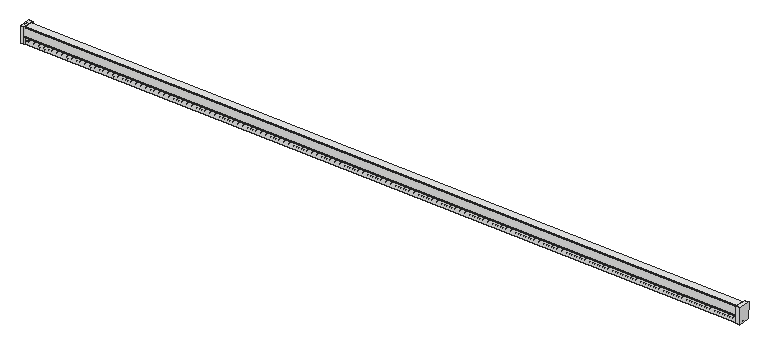
Revit family "S2232 updated", category Lighting Fixtures, host Face, Revit 2020
Family settings
  Host = Face
  Round Connector Dimension = Use Diameter
  Part Type = Normal
  Cut with Voids When Loaded = No
  Light Source = No
  Shared = Yes
  Room Calculation Point = No
Parameters (values of type "643 lm per FT 5.85 W per FT - D6")
  Wattage Comments = "5.85 W/FT"
  Warranty URL = "https://bllighting.com/terms-and-conditions/"
  Voltage = 24 V
  Version = "2020-v2.9"  # constant formula
  URL = "https://bllighting.com/"
  Support Phone = ""
  Support Email = ""
  Rdwn [instance] = rounddown(L1 / Increment)  # 30
  Profile Material = Alumnium Base Track
  Product Page URL = "https://bllighting.com/products/profile/s2232"
  Product Name = Model  # "D6"
  Product Documentation Link = "https://bllighting.com/wp-content/uploads/S2232-Specification.pdf"
  Power Source Type = "Driver"  # constant formula
  Power Factor = 1
  Phase = 1
  Operating Temperature = "Consult Manufacturer Website for more Information"  # constant formula
  Number of Poles = if(and(or(Voltage = 120 V, Voltage = 277 V), Phase = 1), 1, if(and(or(Voltage = 208 V, Voltage = 240 V), Phase = 1), 2, if(and(or(Voltage = 208 V, Voltage = 240 V), Phase = 3), 3, if(and(Voltage > 300 V, Phase = 1), 2, if(and(Voltage > 400 V, Phase = 3), 3, 1)))))  # 1
  Number of LED's = "48 Diodes/FT"
  No Of Source [instance] = rounddown(Actual Light Length / Increment)  # 30
  Mounting Method = "Surface Mount"  # constant formula
  Model = "D6"
  Max Input Current = "5A"
  Manufacturer Phone Number = "1-604-874-4405"  # constant formula
  Manufacturer Email = "info@bllighting.com"
  Manufacturer Address = "111 - 8838 Heatner St. Vancouver. BC, Canada. V6P 3S8"  # constant formula
  Manufacturer = "BL Lighting"  # constant formula
  Lumen Output = "643 lm/FT"
  Load Classification = Lighting
  Light Length [instance] = 60.0000"
  Lens Material = Polycarbonate Optic
  Lead 2 End Cap [instance] = 1 = 1  # yes
  Lead 1 End Cap [instance] = 1 = 1  # yes
  Lamp Life = "50,000 Hours"
  Lamp = "LED,SMD 2835"
  LED strip = Strip
  LED finish = LED
  LED Tape Page URL = "https://bllighting.com/products/led-tape/d6"
  LED Tape Documentation link = "https://bllighting.com/wp-content/uploads/D6-Specification.pdf"
  L1 [instance] = if(Light Length < Increment, Increment, Light Length)  # 60.0000"
  Input Voltage = "24VDC"
  Initial Intensity Comments = "Refer LED Strip type for Lumen Value"  # constant formula
  Initial Color Comments = "Perfomance based on 3000K Photometric Web File"
  Increment = 1.9685"
  Housing Protection Rating = "Consult Manufacturer Website for more Information"  # constant formula
  Has Dimming = 1 = 1  # yes
  Has Battery Backup = 0 = 1  # no
  Frequency Comments = ""
  Frequency = 60 Hz
  Environment = "Indoor"  # constant formula
  Description = "Flexible, Linear LED Lighting"  # constant formula
  Default Elevation = 48.0000"
  DFD3 Watt [instance] = (4.4 W * Actual Light Length) / 12.0000"  # 21.6535 W
  DFD3 Lumens [instance] = 98 lm/W * DFD3 Watt  # 2122.04 lm
  DFD3 = no
  D6 Watt [instance] = (5.85 W * Actual Light Length) / 12.0000"  # 28.7893 W
  D6 Lumens [instance] = 109 lm/W * D6 Watt  # 3138.04 lm
  D6 = yes
  D3 Watt [instance] = (5.5 W * Actual Light Length) / 12.0000"  # 27.0669 W
  D3 Lumens [instance] = 67 lm/W * D3 Watt  # 1813.48 lm
  D3 = no
  D2 Watt [instance] = (3 W * Actual Light Length) / 12.0000"  # 14.7638 W
  D2 Lumens [instance] = 70 lm/W * D2 Watt  # 1033.46 lm
  D2 = no
  Current Amps = 50 A
  Copyright = "©BL INNOVATIVE LIGHTING"  # constant formula
  Color Option Available = "2700K,3000K,3500K,4000K"
  built-in parameter 1114216 [instance] = 0  # (empty or 0)
  built-in parameter 1140040 [instance] = 1 = 1  # 1
  CCT = "2700K,3000K,3500K,4000K"
  Apparent Load = 120 VA
  Actual No Of Source [instance] = if(No Of Source < 2, 2, No Of Source)  # 30
  Actual Light Length [instance] = Rdwn * Increment  # 59.0550"
Reference planes (in)
  plane 1 "Center (Front/Back)": y = 0
  plane 2: z = 0
  plane 3 "Center (Left/Right)": x = 0
  plane 4: x = 59.055
  plane 5: x = 1.9685
  plane 6: y = 0.335
  plane 7: y = -0.335
  plane 8: x = 29.5275
  plane 9: x = 22.6499
  plane 10: x = 36.4051
  plane 11: z = 0.07812
  plane 12: z = 1.30974
  plane 13: x = 28.5475
  plane 14: x = 30.5075
  plane 15: z = 0.30393
Forms (in)
  Sweep 1, solid, material "Alumnium Base Track" <- "Profile Material"
    path origin (0, -18.35094, 0.40687) x (1, 0, 0) y (0, 1, 0)
      loop
        line (0, 18.35094) -> (59.055, 18.35094)
    profile origin (29.5275, 0, 0.40687) x (0, 1, 0) y (0, 0, 1)
      loop
        line (0.335, 0.06805) -> (0.335, -0.10294) -> (0, -0.10294) -> (-0.335, -0.10294) -> (-0.335, 0.06805) -> (-0.36346, 0.09651) -> (-0.335, 0.12496) -> (-0.38666, 0.12496) -> (-0.38666, -0.32874) -> (-0.335, -0.32874) -> (-0.29261, -0.23783)
        arc (-0.29261, -0.23783) -> (-0.27933, -0.17793) -> (-0.26605, -0.23783) r 0.03142
        line (-0.26605, -0.23783) -> (-0.22366, -0.32874) -> (-0.1316, -0.32874) -> (-0.1316, -0.27201) -> (-0.19528, -0.27201) -> (-0.19528, -0.15554) -> (0, -0.15554) -> (0.19528, -0.15554) -> (0.19528, -0.27201) -> (0.1316, -0.27201) -> (0.1316, -0.32874) -> (0.22366, -0.32874) -> (0.26605, -0.23783)
        arc (0.26605, -0.23783) -> (0.27933, -0.17793) -> (0.29261, -0.23783) r 0.03142
        line (0.29261, -0.23783) -> (0.335, -0.32874) -> (0.38666, -0.32874) -> (0.38666, 0.12496) -> (0.335, 0.12496) -> (0.36346, 0.09651) -> (0.335, 0.06805)
  Sweep 2, solid, material "Polycarbonate Optic" <- "Lens Material"
    path origin (0, -18.35094, 0.80588) x (1, 0, 0) y (0, 1, 0)
      loop
        line (0, 18.35094) -> (59.055, 18.35094)
    profile origin (29.5275, 0, 0.80588) x (0, 1, 0) y (0, 0, 1)
      loop
        line (0, 0.50386) -> (-0.34939, 0.50386)
        arc (-0.34939, 0.50386) -> (-0.37768, 0.49214) -> (-0.38939, 0.46386) r 0.04
        line (-0.38939, 0.46386) -> (-0.38939, -0.23752) -> (-0.335, -0.27405) -> (-0.36346, -0.30251) -> (-0.335, -0.33097) -> (-0.30385, -0.33097) -> (-0.30385, -0.24882) -> (-0.335, -0.22789) -> (-0.335, 0.45179) -> (0, 0.45179) -> (0.335, 0.45179) -> (0.335, -0.22789) -> (0.30385, -0.24882) -> (0.30385, -0.33097) -> (0.335, -0.33097) -> (0.36346, -0.30251) -> (0.335, -0.27405) -> (0.38939, -0.23752) -> (0.38939, 0.46386)
        arc (0.38939, 0.46386) -> (0.37768, 0.49214) -> (0.34939, 0.50386) r 0.04
        line (0.34939, 0.50386) -> (0, 0.50386)
  Extrusion 3, solid, material "Alumnium Base Track" <- "Profile Material"
    sketch origin (0, 0, 0) x (0, 1, 0) y (0, 0, 1)
      loop
        line (0.23015, 0.03474) -> (0.00486, 0.03474) -> (-0.23015, 0.03474) -> (-0.26209, 0.10325) -> (-0.26209, 0.15714) -> (-0.29418, 0.15714) -> (-0.29418, 0.10325) -> (-0.24604, 0) -> (0.01058, 0) -> (0.24604, 0) -> (0.29418, 0.10325) -> (0.29418, 0.15714) -> (0.26209, 0.15714) -> (0.26209, 0.10325) -> (0.23015, 0.03474)
    from 28.5475 to 30.5075
  Extrusion 4, void
    sketch origin (0, 0, 0) x (1, 0, 0) y (0, 1, 0)
      loop
        circle (29.5275, -0.00312) r 0.10392
    from 0 to 0.07812
Cuts and joins
  Extrusion 4 cuts Sweep 1
  Extrusion 4 cuts Sweep 2
  Extrusion 4 cuts Extrusion 3
Dimensions and locks (in)
  "Actual Light Length": plane 3 "Center (Left/Right)" to plane 4
  "Increment": plane 3 "Center (Left/Right)" to plane 5
  equal spacing: plane 6, plane 1 "Center (Front/Back)", plane 7
  plane 6 to plane 7 = 0.6700"
  equal spacing: plane 3 "Center (Left/Right)", plane 8, plane 4
  equal spacing: plane 9, plane 8, plane 10
  locked: plane 11 to plane 2 at 0.07812
  locked: plane 12 to plane 11 at 1.23161
  locked: Extrusion 3 sketch curve to Extrusion 3 sketch curve at 0.03474
  locked: Extrusion 3 sketch curve to Extrusion 3 sketch curve at 0.15714  (x2)
  locked: Extrusion 3 sketch curve to Extrusion 3 sketch curve at 0.58836
  locked: plane 13 to plane 8 at 0.98
  locked: plane 8 to plane 14 at 0.98
  aligned and locked: host face to plane 2
  aligned and locked: host face to level
  aligned and locked: nested 1 to plane 4
  aligned and locked: plane 3 "Center (Left/Right)" to Sweep 1 sketch curve
  aligned and locked: plane 4 to Sweep 1 sketch curve
  aligned and locked: plane 4 to Sweep 2 sketch curve
  aligned and locked: plane 3 "Center (Left/Right)" to Sweep 2 sketch curve
  aligned and locked: Extrusion 3 sketch curve to plane 2
  aligned and locked: Extrusion 3 to plane 13
  aligned and locked: Extrusion 3 to plane 14
  aligned and locked: plane 3 "Center (Left/Right)" to nested 2
  aligned and locked: nested 2 to plane 1 "Center (Front/Back)"
  aligned and locked: nested 2 to plane 15
  aligned and locked: plane 3 "Center (Left/Right)" to nested 3
  aligned and locked: nested 3 to plane 1 "Center (Front/Back)"
  aligned and locked: nested 3 to plane 15
  aligned and locked: plane 1 "Center (Front/Back)" to nested 4
  aligned and locked: plane 1 "Center (Front/Back)" to nested 5
  aligned and locked: plane 1 "Center (Front/Back)" to nested 6
  aligned and locked: plane 3 "Center (Left/Right)" to nested 7
  aligned and locked: nested 7 to plane 1 "Center (Front/Back)"
  aligned and locked: nested 7 to plane 15
  aligned and locked: nested 8 to plane 3 "Center (Left/Right)"
  aligned and locked: nested 8 to plane 1 "Center (Front/Back)"
  aligned and locked: nested 8 to plane 15
  aligned and locked: plane 1 "Center (Front/Back)" to nested 9
  aligned and locked: nested 10 to plane 3 "Center (Left/Right)"
  aligned and locked: nested 10 to plane 11
  aligned and locked: nested 10 to plane 1 "Center (Front/Back)"
  aligned and locked: plane 1 "Center (Front/Back)" to nested 1
  aligned and locked: plane 11 to nested 1
Automatic sketch dimensions
  host sketch curve to host sketch curve = 138.68247"
  host sketch curve to host sketch curve = 96.0000"
  plane 1 "Center (Front/Back)" to Sweep 1 sketch curve = 0.0000"
  Sweep 1 sketch curve to profile plane = 0.0000"  (x2)
  profile plane to Sweep 1 sketch curve = 0.1316"
  Sweep 1 sketch curve to Sweep 1 sketch curve = 0.06367"  (x2)
  Sweep 1 sketch curve to Sweep 1 sketch curve = 0.02838"  (x2)
  Sweep 1 sketch curve to Sweep 1 sketch curve = 0.07077"  (x2)
  Sweep 1 sketch curve to Sweep 1 sketch curve = 0.01328"  (x2)
  Sweep 1 sketch curve to Sweep 1 sketch curve = 0.02656"  (x2)
  Sweep 1 sketch curve to Sweep 1 sketch curve = 0.05567"  (x2)
  Sweep 1 sketch curve to Sweep 1 sketch curve = 0.04239"  (x2)
  Sweep 1 sketch curve to Sweep 1 sketch curve = 0.0000"  (x2)
  profile plane to Sweep 1 sketch curve = 0.09651"  (x2)
  Sweep 1 sketch curve to Sweep 1 sketch curve = 0.02846"  (x3)
  Sweep 1 sketch curve to Sweep 1 sketch curve = 0.05166"
  Sweep 1 sketch curve to profile plane = 0.1316"
  profile plane to Sweep 1 sketch curve = 0.12496"
  Sweep 1 sketch curve to Sweep 1 sketch curve = 0.0232"
  Sweep 1 sketch curve to profile plane = 0.10294"
  Sweep 1 sketch curve to Sweep 1 sketch curve = 0.0526"
  Sweep 1 sketch curve to Sweep 1 sketch curve = 0.05381"  (x2)
  Sweep 1 sketch curve to Sweep 1 sketch curve = 0.02848"  (x2)
  Sweep 1 sketch curve to Sweep 1 sketch curve = 0.03418"  (x2)
  Sweep 1 sketch curve to Sweep 1 sketch curve = 0.09091"  (x2)
  Sweep 1 sketch curve to Sweep 1 sketch curve = 0.05673"  (x2)
  plane 1 "Center (Front/Back)" to Sweep 2 sketch curve = 0.0000"
  Extrusion 3 sketch curve to plane 1 "Center (Front/Back)" = 0.01058"
  Extrusion 3 sketch curve to plane 1 "Center (Front/Back)" = 0.00486"
  Extrusion 3 sketch curve to plane 7 = 0.10485"
  Extrusion 3 sketch curve to Extrusion 3 sketch curve = 0.01589"  (x2)
  Extrusion 3 sketch curve to plane 11 = 0.02512"  (x4)
  Extrusion 3 sketch curve to Extrusion 3 sketch curve = 0.03209"  (x2)
  plane 6 to Extrusion 3 sketch curve = 0.10485"
  plane 6 to Extrusion 3 sketch curve = 0.07291"
  Extrusion 4 sketch curve to plane 8 = 0.0000"
  plane 1 "Center (Front/Back)" to Extrusion 4 sketch curve = 0.00312"
  Sweep 2 sketch curve to profile plane = 0.0000"  (x2)
  profile plane to Sweep 2 sketch curve = 0.30385"
  profile plane to Sweep 2 sketch curve = 0.3350"
  Sweep 2 sketch curve to Sweep 2 sketch curve = 0.03115"  (x4)
  Sweep 2 sketch curve to Sweep 2 sketch curve = 0.01439"  (x2)
  Sweep 2 sketch curve to Sweep 2 sketch curve = 0.02846"  (x4)
  Sweep 2 sketch curve to Sweep 2 sketch curve = 0.05439"  (x2)
  Sweep 2 sketch curve to profile plane = 0.30385"
  Sweep 2 sketch curve to profile plane = 0.34939"
  Sweep 2 sketch curve to profile plane = 0.33097"  (x2)
  Sweep 2 sketch curve to Sweep 2 sketch curve = 0.02524"  (x2)
  Sweep 2 sketch curve to Sweep 2 sketch curve = 0.03654"  (x2)
  Sweep 2 sketch curve to Sweep 2 sketch curve = 0.02092"  (x2)
  profile plane to Sweep 2 sketch curve = 0.46386"
  Sweep 2 sketch curve to Sweep 2 sketch curve = 0.01206"
  radius of Extrusion 4 sketch curve = 0.10392"
Nested families (in)
  nested 1: "RIGHT  END CAP" at (59.355, 0, 0.07812), Profile Material <- "Profile Material", visible <- "Lead 2 End Cap", type "RIGHT  END CAP"
    with Profile Material Alumnium Base Track
  nested 2: "D6_3000K" at (0, -18.35094, 0.36393), visible <- "D6", Light Length <- "Light Length", D6 <- "D6", type "D6"
    with Watt 28.7893 W, Rdwn 30, No of Source 30, Lumens 3138.04 lm, Light source Placement 29.5275", Light Length 60.0000", L1 60.0000", D6_1 no, D6 yes, Cutting Increment 1.9685", Actual No Of Source 30, Actual Light Length 59.0550"
  nested 3: "D2_3000K" at (0, -18.35094, 0.36393), visible <- "D2", Light Length <- "Light Length", BL flexFORM D2 <- "D2", type "D2"
    with Watt 14.7637 W, Rdwn 30, No of Source 30, Lumens 1033.46 lm, Light source Placement 29.5275", Light Length 60.0000", L1 60.0000", Cutting Increment 1.9685", BL flexFORM D2_1 no, BL flexFORM D2 no, Actual No of Source 30, Actual Light Length 59.0550"
  nested 4: "Dot Free D3 3000K LED Tape" at (0.7181, 0, 0.07536), Length <- "Actual Light Length", Source Size <- "Increment", No of Source <- "No Of Source", visible <- "DFD3", type "Dot Free D3 3000K LED Tape"
    with Source Size 1.9685", No of Source 30, Length 59.0550", DFD3_1 no, DFD3 yes, Actual No Of Source 30
  nested 5: "D3 3000K LED Tape" at (0.93964, 0, -53.26563), Source Size <- "Increment", No of Source <- "No Of Source", Length <- "Actual Light Length", visible <- "D3", type "D3 3000K LED Tape"
    with Source Size 1.9685", No of Source 30, Length 59.0550", D3 3000K_1 no, D3 3000K yes, Actual No Of Source 30
  nested 6: "D2 3000K LED Tape" at (1.02878, 0, -53.28125), visible <- "D2", Length <- "Actual Light Length", No of Source <- "No Of Source", Source Size <- "Increment", type "D2 3000K LED Tape"
    with Source Size 1.9685", No of Source 30, Length 59.0550", D2 3000k_1 no, D2 3000K yes, Actual No Of Source 30
  nested 7: "D3_3000K" at (0, -18.35094, 0.36393), BL flexFORM D3 <- "D3", visible <- "D3", Light Length <- "Light Length", type "D3"
    with Watt 27.2833 W, Rdwn 24, No of Source 24, Lumens 1827.98 lm, Light source Placement 29.7636", Light Length 60.0000", L1 60.0000", Cutting Increment 2.4803", BL flexFORM D3_1 no, BL flexFORM D3 no, Actual No Of Source 24, Actual Light Length 59.5272"
  nested 8: "DFD3_3000K" at (0, -18.35094, 0.30393), visible <- "DFD3", Light Length <- "Light Length", type "Dot Free D3"
    with Watt 21.6535 W, Rdwn 30, No of Source 30, Lumens 2122.04 lm, Light source Placement 29.5275", Light Length 60.0000", L1 60.0000", Cutting Increment 1.9685", BL flexFORM Dot-Free D3_1 no, BL flexFORM Dot-Free D3 yes, Actual No Of Source 30, Actual Light Length 59.0550"
  nested 9: "D6_3000K LED Tape" at (1.21132, 0, -53.37776), visible <- "D6", Length <- "Actual Light Length", No of Source <- "No Of Source", Source Size <- "Increment", type "D6_3000K LED Tape"
    with Source Size 1.9685", No of Source 30, Length 59.0550", D6_1 no, D6 yes, Actual No Of Source 30
  nested 10: "RIGHT  END CAP" at (-0.3, 0, 0.07812) x (-1, 0, 0) z (0, 0, 1), Profile Material <- "Profile Material", visible <- "Lead 1 End Cap", type "RIGHT  END CAP"
    with Profile Material Alumnium Base Track
Connectors (in)
  electrical at (29.5275, -0.057, 0), driven by "Number of Poles", driven by "Voltage", driven by "Apparent Load", driven by "Power Factor", driven by "Load Classification"
    settings: on cut or joined group of Extrusion 3, Extrusion 4, index 1, voltage 24 V, apparent load 120 VA, apparent load phase1 0 VA, apparent load phase2 0 VA, apparent load phase3 0 VA, power factor 1, load classification "Lighting", number of poles 1, system type 30, power factor state 1, is connector primary yes, connector utility no, sub classification motor no, connector description ""
Definition of nested family "RIGHT  END CAP"
  Parameters (values of type "RIGHT  END CAP")
    Profile Material [instance] = none
    Default Elevation = 0.0000"
  Reference planes (in)
    plane 1 "Center (Front/Back)": y = 0
    plane 2: z = 0
    plane 3 "Center (Left/Right)": x = 0
    plane 4: z = 1.26
    plane 5: y = 0.4375
    plane 6: y = -0.4375
    plane 7: x = 0.3125
    plane 8: x = -0.3
  Forms (in)
    Extrusion 1, solid, material <- "Profile Material"
      sketch origin (0, 0, 0) x (0, 1, 0) y (0, 0, -1)
        loop
          line (0.4375, -1.26) -> (0.4375, 0) -> (-0.4375, 0) -> (-0.4375, -1.26) -> (0.4375, -1.26)
        loop
          circle (0.26741, -0.13612) r 0.04957
        loop
          circle (-0.26741, -0.13612) r 0.04957
      from 0 to 0.3
    Extrusion 2, void
      sketch origin (0, 0, 0) x (0, 1, 0) y (0, 0, -1)
        loop
          circle (-0.26741, -0.13612) r 0.09127
      from 0 to 0.03024
    Extrusion 3, void
      sketch origin (0, 0, 0) x (0, -1, 0) y (0, 0, 1)
        loop
          circle (-0.26741, 0.13612) r 0.09127
      from 0 to 0.03024
    Extrusion 4, void
      sketch origin (0, 0, 0) x (0, 1, 0) y (0, 0, -1)
        loop
          line (0, -1.20778) -> (0.37603, -1.20778) -> (0.37603, 0) -> (0, 0) -> (-0.37603, 0) -> (-0.37603, -1.20778) -> (0, -1.20778)
      from 0.05297 to 0.3
    Extrusion 5, void
      sketch origin (0, 0, 0) x (0, 1, 0) y (0, 0, 1)
        loop
          line (0, 0.39198) -> (-0.04075, 0.39198)
          arc (-0.04075, 0.39198) -> (-0.09498, 0.31972) -> (-0.04075, 0.24746) r 0.07526
          line (-0.04075, 0.24746) -> (0, 0.24746) -> (0.04075, 0.24746)
          arc (0.04075, 0.24746) -> (0.09498, 0.31972) -> (0.04075, 0.39198) r 0.07526
          line (0.04075, 0.39198) -> (0, 0.39198)
      from -0.05297 to 0
  Cuts and joins
    Extrusion 2, Extrusion 3, Extrusion 4, Extrusion 5 cuts Extrusion 1
  Dimensions and locks (in)
    equal spacing: plane 5, plane 1 "Center (Front/Back)", plane 6
    plane 5 to plane 6 = 0.8750"
    plane 4 to plane 2 = 1.2600"  (x2)
    plane 7 to plane 3 "Center (Left/Right)" = 0.3125"
    level to Extrusion 5 = 0.24746"
    plane 3 "Center (Left/Right)" to plane 8 = 0.3000"
    aligned and locked: plane 2 to level
    aligned and locked: Extrusion 5 to Extrusion 4
    aligned and locked: plane 3 "Center (Left/Right)" to Extrusion 5
    aligned and locked: plane 8 to Extrusion 1
    aligned and locked: Extrusion 1 to Extrusion 4
  Automatic sketch dimensions
    Extrusion 1 sketch curve to plane 4 = 0.0000"
    Extrusion 1 sketch curve to plane 6 = 0.0000"
    Extrusion 1 sketch curve to level = 0.0000"
    Extrusion 1 sketch curve to plane 5 = 0.0000"
    plane 6 to Extrusion 1 sketch curve = 0.17009"
    plane 5 to Extrusion 1 sketch curve = 0.17009"
    level to Extrusion 1 sketch curve = 0.13612"  (x2)
    plane 6 to Extrusion 2 sketch curve = 0.17009"
    level to Extrusion 2 sketch curve = 0.13612"
    plane 5 to Extrusion 3 sketch curve = 0.17009"
    level to Extrusion 3 sketch curve = 0.13612"
    Extrusion 4 sketch curve to level = 0.0000"
    Extrusion 4 sketch curve to plane 1 "Center (Front/Back)" = 0.0000"  (x2)
    plane 6 to Extrusion 4 sketch curve = 0.06147"
    plane 5 to Extrusion 4 sketch curve = 0.06147"
    Extrusion 4 sketch curve to plane 4 = 0.05222"
    Extrusion 5 sketch curve to plane 1 "Center (Front/Back)" = 0.0000"  (x2)
    plane 1 "Center (Front/Back)" to Extrusion 5 sketch curve = 0.01973"
    Extrusion 5 sketch curve to Extrusion 5 sketch curve = 0.04075"  (x4)
    Extrusion 5 sketch curve to plane 1 "Center (Front/Back)" = 0.01973"
    level to Extrusion 5 sketch curve = 0.24746"
    Extrusion 5 sketch curve to Extrusion 5 sketch curve = 0.07226"
    radius of Extrusion 1 sketch curve = 0.04957"  (x2)
    radius of Extrusion 2 sketch curve = 0.09127"
    radius of Extrusion 3 sketch curve = 0.09127"
Definition of nested family "D6_3000K"
  Parameters (values of type "D6")
    Wattage Comments = "5.85 W/FT"
    Watt [instance] = (5.85 W * Actual Light Length) / 12.0000"  # 11.5157 W
    Warranty URL = ""
    Voltage Comments = ""
    Version = "2020-v2.9"  # constant formula
    URL = ""
    Strip = none
    Rdwn [instance] = rounddown(L1 / Cutting Increment)  # 12
    Product Page URL = ""
    Product Name = Model  # ""
    Product Documentation Link = ""
    No of Source [instance] = rounddown(Actual Light Length / Cutting Increment)  # 12
    Model = ""
    Manufacturer Phone Number = "1-604-874-4405"  # constant formula
    Manufacturer Email = ""
    Manufacturer Address = "111 - 8838 Heatner St. Vancouver. BC, Canada. V6P 3S8"  # constant formula
    Manufacturer = "BL Lighting"  # constant formula
    Lumens [instance] = 109 lm/W * Watt  # 1255.21 lm
    Lumen Output = "643 lm/FT"
    Light source Placement [instance] = Actual Light Length / 2  # 11.8110"
    Light Length [instance] = 24.0000"
    Lens Material = none
    Lamp Life = "50,000 Hours"
    Lamp = "SMD 2835"
    LED = none
    L1 [instance] = if(Light Length < Cutting Increment, Cutting Increment, Light Length)  # 24.0000"
    Instruction Sheet Link = ""
    Initial Color Option Available = ""
    Finish = none
    Description = "Flexible,Linear LED Strip Lighting"  # constant formula
    Default Elevation = 0.0000"
    D6_1 [instance] = not(D6)  # no
    D6 [instance] = if(No of Source < 2, 1 = 0, 1 = 1)  # yes
    D = 0.0600"
    Cutting Increment [instance] = 1.9685"  # constant formula
    Copyright = "©BL INNOVATIVE LIGHTING"  # constant formula
    Actual No Of Source [instance] = if(No of Source < 2, 2, No of Source)  # 12
    Actual Light Length [instance] = Rdwn * Cutting Increment  # 23.6220"
    A = 0.3900"
  Reference planes (in)
    plane 1 "Center (Front/Back)": y = 0
    plane 2: z = 0
    plane 3 "Center (Left/Right)": x = 0
    plane 4: x = 23.622
    plane 5: y = 18.35094
    plane 6: x = 11.811
    plane 7: z = -0.33465
    plane 8: y = 18.54594
    plane 9: y = 18.15594
    plane 10: x = 1.9685
    plane 11: z = -0.06
  Dimensions and locks (in)
    "Actual Light Length": plane 4 to plane 3 "Center (Left/Right)"
    "Actual Light Length": plane 3 "Center (Left/Right)" to plane 4
    plane 6 to plane 4 = 11.8110"
    "Light source Placement": plane 6 to plane 4
    locked: plane 1 "Center (Front/Back)" to plane 5 at 18.35094
    locked: level to plane 7 at 0.33465
    "A": plane 8 to plane 9
    equal spacing: plane 8, plane 5, plane 9
    "Cutting Increment": plane 3 "Center (Left/Right)" to plane 10
    "D": level to plane 11
    equal spacing: group 1, group 2, group 3, group 4, group 5, group 6, group 7, group 8, group 9, group 10, group 11, group 12  (x3)
    aligned and locked: level to plane 2
    aligned and locked: plane 3 "Center (Left/Right)" to nested 1
    aligned and locked: nested 1 to plane 5
    aligned and locked: nested 1 to plane 11
    aligned and locked: plane 10 to nested 2
    aligned and locked: nested 2 to plane 5
    aligned and locked: plane 3 "Center (Left/Right)" to nested 3
    aligned and locked: nested 3 to plane 11
    aligned and locked: nested 3 to plane 5
  Nested families (in)
    nested 1: "Increment strip 4" at (0, 18.35094, 0), LED <- "LED", Strip <- "Strip", Height <- "D", Increment <- "Cutting Increment", Width <- "A", visible <- "D6", BL flexFORM D6 <- "D6", type "Increment strip 4"
      with Width 0.3900", Strip none, LED none, Increment 1.9685", Height 0.0600", BL flexFORM D6 yes
    nested 2: "Increment strip 4" at (1.9685, 18.35094, 0), LED <- "LED", Strip <- "Strip", Height <- "D", Increment <- "Cutting Increment", Width <- "A", visible <- "D6", BL flexFORM D6 <- "D6", type "Increment strip 4"
      with Width 0.3900", Strip none, LED none, Increment 1.9685", Height 0.0600", BL flexFORM D6 yes
    nested 3: "Increment strip 4" at (0, 18.35094, 0), LED <- "LED", Strip <- "Strip", Height <- "D", Increment <- "Cutting Increment", Width <- "A", BL flexFORM D6 <- "D6_1", visible <- "D6_1", type "Increment strip 4"
      with Width 0.3900", Strip none, LED none, Increment 1.9685", Height 0.0600", BL flexFORM D6 no
    nested 4: "Increment strip 4" at (3.937, 18.35094, 0), LED <- "LED", Strip <- "Strip", Height <- "D", Increment <- "Cutting Increment", Width <- "A", visible <- "D6", BL flexFORM D6 <- "D6", type "Increment strip 4"
      with Width 0.3900", Strip none, LED none, Increment 1.9685", Height 0.0600", BL flexFORM D6 yes
    nested 5: "Increment strip 4" at (5.9055, 18.35094, 0), LED <- "LED", Strip <- "Strip", Height <- "D", Increment <- "Cutting Increment", Width <- "A", visible <- "D6", BL flexFORM D6 <- "D6", type "Increment strip 4"
      with Width 0.3900", Strip none, LED none, Increment 1.9685", Height 0.0600", BL flexFORM D6 yes
    nested 6: "Increment strip 4" at (7.874, 18.35094, 0), LED <- "LED", Strip <- "Strip", Height <- "D", Increment <- "Cutting Increment", Width <- "A", visible <- "D6", BL flexFORM D6 <- "D6", type "Increment strip 4"
      with Width 0.3900", Strip none, LED none, Increment 1.9685", Height 0.0600", BL flexFORM D6 yes
    nested 7: "Increment strip 4" at (9.8425, 18.35094, 0), LED <- "LED", Strip <- "Strip", Height <- "D", Increment <- "Cutting Increment", Width <- "A", visible <- "D6", BL flexFORM D6 <- "D6", type "Increment strip 4"
      with Width 0.3900", Strip none, LED none, Increment 1.9685", Height 0.0600", BL flexFORM D6 yes
    nested 8: "Increment strip 4" at (11.811, 18.35094, 0), LED <- "LED", Strip <- "Strip", Height <- "D", Increment <- "Cutting Increment", Width <- "A", visible <- "D6", BL flexFORM D6 <- "D6", type "Increment strip 4"
      with Width 0.3900", Strip none, LED none, Increment 1.9685", Height 0.0600", BL flexFORM D6 yes
    nested 9: "Increment strip 4" at (13.7795, 18.35094, 0), LED <- "LED", Strip <- "Strip", Height <- "D", Increment <- "Cutting Increment", Width <- "A", visible <- "D6", BL flexFORM D6 <- "D6", type "Increment strip 4"
      with Width 0.3900", Strip none, LED none, Increment 1.9685", Height 0.0600", BL flexFORM D6 yes
    nested 10: "Increment strip 4" at (15.748, 18.35094, 0), LED <- "LED", Strip <- "Strip", Height <- "D", Increment <- "Cutting Increment", Width <- "A", visible <- "D6", BL flexFORM D6 <- "D6", type "Increment strip 4"
      with Width 0.3900", Strip none, LED none, Increment 1.9685", Height 0.0600", BL flexFORM D6 yes
    nested 11: "Increment strip 4" at (17.7165, 18.35094, 0), LED <- "LED", Strip <- "Strip", Height <- "D", Increment <- "Cutting Increment", Width <- "A", visible <- "D6", BL flexFORM D6 <- "D6", type "Increment strip 4"
      with Width 0.3900", Strip none, LED none, Increment 1.9685", Height 0.0600", BL flexFORM D6 yes
    nested 12: "Increment strip 4" at (19.685, 18.35094, 0), LED <- "LED", Strip <- "Strip", Height <- "D", Increment <- "Cutting Increment", Width <- "A", visible <- "D6", BL flexFORM D6 <- "D6", type "Increment strip 4"
      with Width 0.3900", Strip none, LED none, Increment 1.9685", Height 0.0600", BL flexFORM D6 yes
    nested 13: "Increment strip 4" at (21.6535, 18.35094, 0), LED <- "LED", Strip <- "Strip", Height <- "D", Increment <- "Cutting Increment", Width <- "A", visible <- "D6", BL flexFORM D6 <- "D6", type "Increment strip 4"
      with Width 0.3900", Strip none, LED none, Increment 1.9685", Height 0.0600", BL flexFORM D6 yes
  Definition of nested family "Increment strip 4"
    Parameters (values of type "Increment strip 4")
      Width [instance] = 0.3900"
      Strip [instance] = none
      LED [instance] = none
      Increment [instance] = 1.9600"
      Height [instance] = 0.0600"
      Default Elevation = 0.0000"
      BL flexFORM D6 [instance] = yes
    Reference planes (in)
      plane 1 "Center (Front/Back)": y = 0
      plane 2: z = 0
      plane 3 "Center (Left/Right)": x = 0
      plane 4: x = 1.96
      plane 5: y = -0.195
      plane 6: y = 0.195
      plane 7: z = -0.06
      plane 8: x = 0.15625
      plane 9: x = 1.78125
      plane 10: y = 0.29944
    Forms (in)
      Sweep 1, solid, material <- "Strip", visible <- "BL flexFORM D6"
        path origin (0, 0, 0) x (1, 0, 0) y (0, 1, 0)
          loop
            line (1.96, 0) -> (0, 0)
        profile origin (0.98, 0, 0) x (0, -1, 0) y (0, 0, 1)
          loop
            line (-0.195, -0.01867) -> (-0.195, -0.06) -> (0.195, -0.06) -> (0.195, -0.01867) -> (-0.195, -0.01867)
      Extrusion 2, solid, material <- "LED", visible <- "BL flexFORM D6"
        sketch origin (0, 0, 0.03211) x (1, 0, 0) y (0, 1, 0)
          loop
            line (0.05625, 0.1) -> (0.05625, -0.1) -> (0.25625, -0.1) -> (0.25625, 0.1) -> (0.05625, 0.1)
        from -0.05078 to -0.03211
      Extrusion 3, solid, material <- "LED", visible <- "BL flexFORM D6"
        sketch origin (1.625, 0, 0.03211) x (1, 0, 0) y (0, 1, 0)
          loop
            line (0.05625, 0.1) -> (0.05625, -0.1) -> (0.25625, -0.1) -> (0.25625, 0.1) -> (0.05625, 0.1)
        from -0.05078 to -0.03211
      Extrusion 4, solid, material <- "LED", visible <- "BL flexFORM D6"
        sketch origin (0.325, 0, 0.03211) x (1, 0, 0) y (0, 1, 0)
          loop
            line (0.05625, 0.1) -> (0.05625, -0.1) -> (0.25625, -0.1) -> (0.25625, 0.1) -> (0.05625, 0.1)
        from -0.05078 to -0.03211
      Extrusion 5, solid, material <- "LED", visible <- "BL flexFORM D6"
        sketch origin (0.65, 0, 0.03211) x (1, 0, 0) y (0, 1, 0)
          loop
            line (0.05625, 0.1) -> (0.05625, -0.1) -> (0.25625, -0.1) -> (0.25625, 0.1) -> (0.05625, 0.1)
        from -0.05078 to -0.03211
      Extrusion 6, solid, material <- "LED", visible <- "BL flexFORM D6"
        sketch origin (0.975, 0, 0.03211) x (1, 0, 0) y (0, 1, 0)
          loop
            line (0.05625, 0.1) -> (0.05625, -0.1) -> (0.25625, -0.1) -> (0.25625, 0.1) -> (0.05625, 0.1)
        from -0.05078 to -0.03211
      Extrusion 7, solid, material <- "LED", visible <- "BL flexFORM D6"
        sketch origin (1.3, 0, 0.03211) x (1, 0, 0) y (0, 1, 0)
          loop
            line (0.05625, 0.1) -> (0.05625, -0.1) -> (0.25625, -0.1) -> (0.25625, 0.1) -> (0.05625, 0.1)
        from -0.05078 to -0.03211
    Dimensions and locks (in)
      "Increment": plane 3 "Center (Left/Right)" to plane 4
      equal spacing: plane 5, plane 1 "Center (Front/Back)", plane 6
      "Width": plane 5 to plane 6
      "Height": level to plane 7
      locked: Extrusion 2 sketch curve to Extrusion 2 sketch curve at 0.2  (x2)
      locked: Extrusion 3 sketch curve to Extrusion 3 sketch curve at 0.2  (x2)
      equal spacing: group 1, group 3, group 4, group 5, group 6, group 2  (x3)
      locked: Extrusion 4 sketch curve to Extrusion 4 sketch curve at 0.2  (x2)
      locked: Extrusion 5 sketch curve to Extrusion 5 sketch curve at 0.2  (x2)
      locked: Extrusion 6 sketch curve to Extrusion 6 sketch curve at 0.2  (x2)
      locked: Extrusion 7 sketch curve to Extrusion 7 sketch curve at 0.2  (x2)
      aligned and locked: plane 2 to level
      aligned and locked: Sweep 1 sketch curve to plane 1 "Center (Front/Back)"
      aligned and locked: plane 3 "Center (Left/Right)" to Sweep 1 sketch curve
      aligned and locked: plane 4 to Sweep 1 sketch curve
      aligned and locked: Sweep 1 to plane 7
    Automatic sketch dimensions
      profile plane to Sweep 1 sketch curve = 0.1950"
      Sweep 1 sketch curve to profile plane = 0.1950"
      Sweep 1 sketch curve to level = 0.0600"
      Sweep 1 sketch curve to level = 0.01867"
Definition of nested family "DFD3_3000K"
  Parameters (values of type "Dot Free D3")
    Wattage Comments = "4.4 W/FT"
    Watt [instance] = (4.4 W * Actual Light Length) / 12.0000"  # 8.6614 W
    Warranty URL = ""
    Voltage Comments = ""
    Version = "2020-v2.9"  # constant formula
    URL = ""
    Strip = none
    Rdwn [instance] = rounddown(L1 / Cutting Increment)  # 12
    Product Page URL = ""
    Product Name = " Dot-Free D3"  # constant formula
    Product Documentation Link = ""
    No of Source [instance] = rounddown(Actual Light Length / Cutting Increment)  # 12
    Model = ""
    Manufacturer Phone Number = "1-604-874-4405"  # constant formula
    Manufacturer Email = ""
    Manufacturer Address = "111 - 8838 Heatner St. Vancouver. BC, Canada. V6P 3S8"  # constant formula
    Manufacturer = "BL Lighting"  # constant formula
    Lumens [instance] = 98 lm/W * Watt  # 848.817 lm
    Lumen Output = "419 lm/FT"
    Light source Placement [instance] = Actual Light Length / 2  # 11.8110"
    Light Length [instance] = 24.0000"
    Lens Material = none
    Lamp Life = "50,000 Hours"
    Lamp = ""
    LED = none
    L1 [instance] = if(Light Length < Cutting Increment, Cutting Increment, Light Length)  # 24.0000"
    Instruction Sheet Link = ""
    Initial Color Option Available = ""
    Finish = none
    Description = "Flexible,Linear LED Strip Lighting"  # constant formula
    Default Elevation = 0.0000"
    D = 0.07812"
    Cutting Increment [instance] = 1.9685"  # constant formula
    Copyright = "©BL INNOVATIVE LIGHTING"  # constant formula
    BL flexFORM Dot-Free D3_1 [instance] = not([BL flexFORM Dot-Free D3])  # no
    BL flexFORM Dot-Free D3 [instance] = if(No of Source < 2, 1 = 0, 1 = 1)  # yes
    Actual No Of Source [instance] = if(No of Source < 2, 2, No of Source)  # 12
    Actual Light Length [instance] = Rdwn * Cutting Increment  # 23.6220"
    A = 0.3900"
  Reference planes (in)
    plane 1 "Center (Front/Back)": y = 0
    plane 2: z = 0
    plane 3 "Center (Left/Right)": x = 0
    plane 4: x = 23.622
    plane 5: y = 18.35094
    plane 6: x = 11.811
    plane 7: z = -0.33465
    plane 8: y = 18.54594
    plane 9: y = 18.15594
    plane 10: x = 1.9685
    plane 11: z = 0.07813
  Dimensions and locks (in)
    "Actual Light Length": plane 4 to plane 3 "Center (Left/Right)"
    "Actual Light Length": plane 3 "Center (Left/Right)" to plane 4
    plane 6 to plane 4 = 11.8110"
    "Light source Placement": plane 6 to plane 4
    locked: plane 1 "Center (Front/Back)" to plane 5 at 18.35094
    locked: level to plane 7 at 0.33465
    "A": plane 8 to plane 9
    equal spacing: plane 8, plane 5, plane 9
    "Cutting Increment": plane 3 "Center (Left/Right)" to plane 10
    locked: plane 10 to plane 3 "Center (Left/Right)" at 1.97
    "D": plane 11 to plane 2
    equal spacing: group 1, group 2, group 3, group 4, group 5, group 6, group 7, group 8, group 9, group 10, group 11, group 12  (x3)
    aligned and locked: level to plane 2
    aligned and locked: nested 1 to plane 2
    aligned and locked: nested 1 to plane 10
    aligned and locked: plane 3 "Center (Left/Right)" to nested 1
    aligned and locked: plane 10 to nested 1
    aligned and locked: plane 10 to nested 2
    aligned and locked: plane 3 "Center (Left/Right)" to nested 3
    aligned and locked: nested 3 to plane 2
    aligned and locked: nested 3 to plane 5
  Nested families (in)
    nested 1: "Increment strip 5" at (0, 18.35094, 0), Height <- "D", Increment <- "Cutting Increment", Width <- "A", LED <- "LED", Strip <- "Strip", BL flexFORM Dot-Free D3 <- "BL flexFORM Dot-Free D3", visible <- "BL flexFORM Dot-Free D3", type "Increment strip 5"
      with Width 0.3900", Strip none, LED none, Increment 1.9685", Height 0.07812", BL flexFORM Dot-Free D3 yes
    nested 2: "Increment strip 5" at (1.9685, 18.35094, 0), Height <- "D", Increment <- "Cutting Increment", Width <- "A", LED <- "LED", Strip <- "Strip", BL flexFORM Dot-Free D3 <- "BL flexFORM Dot-Free D3", visible <- "BL flexFORM Dot-Free D3", type "Increment strip 5"
      with Width 0.3900", Strip none, LED none, Increment 1.9685", Height 0.07812", BL flexFORM Dot-Free D3 yes
    nested 3: "Increment strip 5" at (0, 18.35094, 0), LED <- "LED", Strip <- "Strip", Height <- "D", Increment <- "Cutting Increment", Width <- "A", BL flexFORM Dot-Free D3 <- "BL flexFORM Dot-Free D3_1", visible <- "BL flexFORM Dot-Free D3_1", type "Increment strip 5"
      with Width 0.3900", Strip none, LED none, Increment 1.9685", Height 0.07812", BL flexFORM Dot-Free D3 no
    nested 4: "Increment strip 5" at (3.937, 18.35094, 0), Height <- "D", Increment <- "Cutting Increment", Width <- "A", LED <- "LED", Strip <- "Strip", BL flexFORM Dot-Free D3 <- "BL flexFORM Dot-Free D3", visible <- "BL flexFORM Dot-Free D3", type "Increment strip 5"
      with Width 0.3900", Strip none, LED none, Increment 1.9685", Height 0.07812", BL flexFORM Dot-Free D3 yes
    nested 5: "Increment strip 5" at (5.9055, 18.35094, 0), Height <- "D", Increment <- "Cutting Increment", Width <- "A", LED <- "LED", Strip <- "Strip", BL flexFORM Dot-Free D3 <- "BL flexFORM Dot-Free D3", visible <- "BL flexFORM Dot-Free D3", type "Increment strip 5"
      with Width 0.3900", Strip none, LED none, Increment 1.9685", Height 0.07812", BL flexFORM Dot-Free D3 yes
    nested 6: "Increment strip 5" at (7.874, 18.35094, 0), Height <- "D", Increment <- "Cutting Increment", Width <- "A", LED <- "LED", Strip <- "Strip", BL flexFORM Dot-Free D3 <- "BL flexFORM Dot-Free D3", visible <- "BL flexFORM Dot-Free D3", type "Increment strip 5"
      with Width 0.3900", Strip none, LED none, Increment 1.9685", Height 0.07812", BL flexFORM Dot-Free D3 yes
    nested 7: "Increment strip 5" at (9.8425, 18.35094, 0), Height <- "D", Increment <- "Cutting Increment", Width <- "A", LED <- "LED", Strip <- "Strip", BL flexFORM Dot-Free D3 <- "BL flexFORM Dot-Free D3", visible <- "BL flexFORM Dot-Free D3", type "Increment strip 5"
      with Width 0.3900", Strip none, LED none, Increment 1.9685", Height 0.07812", BL flexFORM Dot-Free D3 yes
    nested 8: "Increment strip 5" at (11.811, 18.35094, 0), Height <- "D", Increment <- "Cutting Increment", Width <- "A", LED <- "LED", Strip <- "Strip", BL flexFORM Dot-Free D3 <- "BL flexFORM Dot-Free D3", visible <- "BL flexFORM Dot-Free D3", type "Increment strip 5"
      with Width 0.3900", Strip none, LED none, Increment 1.9685", Height 0.07812", BL flexFORM Dot-Free D3 yes
    nested 9: "Increment strip 5" at (13.7795, 18.35094, 0), Height <- "D", Increment <- "Cutting Increment", Width <- "A", LED <- "LED", Strip <- "Strip", BL flexFORM Dot-Free D3 <- "BL flexFORM Dot-Free D3", visible <- "BL flexFORM Dot-Free D3", type "Increment strip 5"
      with Width 0.3900", Strip none, LED none, Increment 1.9685", Height 0.07812", BL flexFORM Dot-Free D3 yes
    nested 10: "Increment strip 5" at (15.748, 18.35094, 0), Height <- "D", Increment <- "Cutting Increment", Width <- "A", LED <- "LED", Strip <- "Strip", BL flexFORM Dot-Free D3 <- "BL flexFORM Dot-Free D3", visible <- "BL flexFORM Dot-Free D3", type "Increment strip 5"
      with Width 0.3900", Strip none, LED none, Increment 1.9685", Height 0.07812", BL flexFORM Dot-Free D3 yes
    nested 11: "Increment strip 5" at (17.7165, 18.35094, 0), Height <- "D", Increment <- "Cutting Increment", Width <- "A", LED <- "LED", Strip <- "Strip", BL flexFORM Dot-Free D3 <- "BL flexFORM Dot-Free D3", visible <- "BL flexFORM Dot-Free D3", type "Increment strip 5"
      with Width 0.3900", Strip none, LED none, Increment 1.9685", Height 0.07812", BL flexFORM Dot-Free D3 yes
    nested 12: "Increment strip 5" at (19.685, 18.35094, 0), Height <- "D", Increment <- "Cutting Increment", Width <- "A", LED <- "LED", Strip <- "Strip", BL flexFORM Dot-Free D3 <- "BL flexFORM Dot-Free D3", visible <- "BL flexFORM Dot-Free D3", type "Increment strip 5"
      with Width 0.3900", Strip none, LED none, Increment 1.9685", Height 0.07812", BL flexFORM Dot-Free D3 yes
    nested 13: "Increment strip 5" at (21.6535, 18.35094, 0), Height <- "D", Increment <- "Cutting Increment", Width <- "A", LED <- "LED", Strip <- "Strip", BL flexFORM Dot-Free D3 <- "BL flexFORM Dot-Free D3", visible <- "BL flexFORM Dot-Free D3", type "Increment strip 5"
      with Width 0.3900", Strip none, LED none, Increment 1.9685", Height 0.07812", BL flexFORM Dot-Free D3 yes
  Definition of nested family "Increment strip 5"
    Parameters (values of type "Increment strip 5")
      Width [instance] = 0.39062"
      Strip [instance] = none
      LED [instance] = none
      Increment [instance] = 1.9700"
      Height [instance] = 0.07812"
      Default Elevation = 0.0000"
      BL flexFORM Dot-Free D3 [instance] = yes
    Reference planes (in)
      plane 1 "Center (Front/Back)": y = 0
      plane 2: z = 0
      plane 3 "Center (Left/Right)": x = 0
      plane 4: x = 1.97
      plane 5: y = -0.19531
      plane 6: y = 0.19531
      plane 7: x = 0.15625
      plane 8: x = 1.78125
      plane 9: z = 0.07812
    Forms (in)
      Sweep 1, solid, material <- "Strip", visible <- "BL flexFORM Dot-Free D3"
        path origin (0, 0, 0) x (1, 0, 0) y (0, 1, 0)
          loop
            line (1.97, 0) -> (0, 0)
        profile origin (0.985, 0, 0) x (0, -1, 0) y (0, 0, 1)
          loop
            line (-0.19531, 0.03937) -> (-0.19531, 0) -> (0.19531, 0) -> (0.19531, 0.03937) -> (-0.19531, 0.03937)
      Extrusion 2, solid, material <- "LED", visible <- "BL flexFORM Dot-Free D3"
        sketch origin (0, 0, 0.247) x (1, 0, 0) y (0, 1, 0)
          loop
            line (0, 0.11457) -> (0, -0.11457) -> (1.97, -0.11457) -> (1.97, 0.11457) -> (0, 0.11457)
        from -0.20763 to -0.16887
    Dimensions and locks (in)
      "Increment": plane 3 "Center (Left/Right)" to plane 4
      equal spacing: plane 5, plane 1 "Center (Front/Back)", plane 6
      "Width": plane 5 to plane 6
      equal spacing: Extrusion 2, plane 1 "Center (Front/Back)", Extrusion 2
      "Height": plane 9 to plane 2
      aligned and locked: plane 2 to level
      aligned and locked: Sweep 1 sketch curve to plane 1 "Center (Front/Back)"
      aligned and locked: plane 3 "Center (Left/Right)" to Sweep 1 sketch curve
      aligned and locked: plane 4 to Sweep 1 sketch curve
      aligned and locked: plane 6 to Sweep 1 sketch curve
      aligned and locked: Sweep 1 sketch curve to plane 5
      aligned and locked: Extrusion 2 to Sweep 1
      aligned and locked: Extrusion 2 to plane 9
    Automatic sketch dimensions
      level to Sweep 1 sketch curve = 0.03937"
      Sweep 1 sketch curve to level = 0.0000"
      Extrusion 2 sketch curve to plane 3 "Center (Left/Right)" = 0.0000"
      Extrusion 2 sketch curve to plane 4 = 0.0000"
      plane 1 "Center (Front/Back)" to Extrusion 2 sketch curve = 0.11457"
      Extrusion 2 sketch curve to plane 1 "Center (Front/Back)" = 0.11457"
Definition of nested family "D2_3000K"
  Parameters (values of type "D2")
    Wattage Comments = "3.0 W/FT"
    Warranty URL = ""
    Voltage Comments = ""
    Version = "2020-v2.9"  # constant formula
    URL = ""
    Strip = none
    Product Page URL = ""
    Product Name = "D2"  # constant formula
    Product Documentation Link = ""
    No of Source [instance] = rounddown(Actual Light Length / Cutting Increment)  # 12
    Model = ""
    Manufacturer Phone Number = "1-604-874-4405"  # constant formula
    Manufacturer Email = ""
    Manufacturer Address = "111 - 8838 Heatner St. Vancouver. BC, Canada. V6P 3S8"  # constant formula
    Manufacturer = "BL Lighting"  # constant formula
    Lumen Output = "209 lm/FT"
    Lens Material = none
    Lamp Life = "50,000 Hours"
    LED = none
    Instruction Sheet Link = ""
    Finish = none
    Description = "Flexible,Linear LED Strip Lighting"  # constant formula
    D = 0.0600"
    Copyright = "©BL INNOVATIVE LIGHTING"  # constant formula
    BL flexFORM D2_1 [instance] = not(BL flexFORM D2)  # no
    BL flexFORM D2 [instance] = if(No of Source < 2, 1 = 0, 1 = 1)  # yes
    Actual No of Source [instance] = if(No of Source < 2, 2, No of Source)  # 12
    Actual Light Length [instance] = Rdwn * Cutting Increment  # 23.6220"
    Watt [instance] = (3 W * Actual Light Length) / 12.0000"  # 5.9055 W
    Lamp = "LED,SMD 3528"
    Cutting Increment [instance] = 1.9685"  # constant formula
    Rdwn [instance] = rounddown(L1 / Cutting Increment)  # 12
    Lumens [instance] = 70 lm/W * Watt  # 413.385 lm
    Light source Placement [instance] = Actual Light Length / 2  # 11.8110"
    Light Length [instance] = 24.0000"
    L1 [instance] = if(Light Length < Cutting Increment, Cutting Increment, Light Length)  # 24.0000"
    Default Elevation = 0.0000"
    A = 0.3100"
  Reference planes (in)
    plane 1 "Center (Front/Back)": y = 0
    plane 2: z = 0
    plane 3 "Center (Left/Right)": x = 0
    plane 4: x = 23.622
    plane 5: y = 18.35094
    plane 6: x = 11.811
    plane 7: z = -0.33465
    plane 8: y = 18.50594
    plane 9: y = 18.19594
    plane 10: x = 1.9685
    plane 11: z = -0.06
  Dimensions and locks (in)
    "Actual Light Length": plane 4 to plane 3 "Center (Left/Right)"
    "Actual Light Length": plane 3 "Center (Left/Right)" to plane 4
    plane 6 to plane 4 = 11.8110"
    "Light source Placement": plane 6 to plane 4
    locked: plane 1 "Center (Front/Back)" to plane 5 at 18.35094
    locked: level to plane 7 at 0.33465
    "A": plane 8 to plane 9
    equal spacing: plane 8, plane 5, plane 9
    "Cutting Increment": plane 3 "Center (Left/Right)" to plane 10
    "D": level to plane 11
    equal spacing: group 1, group 2, group 3, group 4, group 5, group 6, group 7, group 8, group 9, group 10, group 11, group 12  (x3)
    aligned and locked: level to plane 2
    aligned and locked: nested 1 to plane 5
    aligned and locked: plane 3 "Center (Left/Right)" to nested 1
    aligned and locked: plane 10 to nested 2
    aligned and locked: nested 2 to plane 11
    aligned and locked: nested 3 to plane 5
    aligned and locked: nested 3 to plane 3 "Center (Left/Right)"
    aligned and locked: nested 3 to plane 11
  Nested families (in)
    nested 1: "Increment strip" at (0, 18.35094, 0), Increment <- "Cutting Increment", LED <- "LED", Strip <- "Strip", Width <- "A", Height <- "D", visible <- "BL flexFORM D2", BL flexFORM D2 <- "BL flexFORM D2", type "Increment strip"
      with Width 0.3100", Strip none, LED none, Increment 1.9685", Height 0.0600", BL flexFORM D2 yes
    nested 2: "Increment strip" at (1.9685, 18.35094, 0), Increment <- "Cutting Increment", LED <- "LED", Strip <- "Strip", Width <- "A", Height <- "D", visible <- "BL flexFORM D2", BL flexFORM D2 <- "BL flexFORM D2", type "Increment strip"
      with Width 0.3100", Strip none, LED none, Increment 1.9685", Height 0.0600", BL flexFORM D2 yes
    nested 3: "Increment strip" at (0, 18.35094, 0), Height <- "D", Increment <- "Cutting Increment", Width <- "A", LED <- "LED", Strip <- "Strip", visible <- "BL flexFORM D2_1", BL flexFORM D2 <- "BL flexFORM D2_1", type "Increment strip"
      with Width 0.3100", Strip none, LED none, Increment 1.9685", Height 0.0600", BL flexFORM D2 no
    nested 4: "Increment strip" at (3.937, 18.35094, 0), Increment <- "Cutting Increment", LED <- "LED", Strip <- "Strip", Width <- "A", Height <- "D", visible <- "BL flexFORM D2", BL flexFORM D2 <- "BL flexFORM D2", type "Increment strip"
      with Width 0.3100", Strip none, LED none, Increment 1.9685", Height 0.0600", BL flexFORM D2 yes
    nested 5: "Increment strip" at (5.9055, 18.35094, 0), Increment <- "Cutting Increment", LED <- "LED", Strip <- "Strip", Width <- "A", Height <- "D", visible <- "BL flexFORM D2", BL flexFORM D2 <- "BL flexFORM D2", type "Increment strip"
      with Width 0.3100", Strip none, LED none, Increment 1.9685", Height 0.0600", BL flexFORM D2 yes
    nested 6: "Increment strip" at (7.874, 18.35094, 0), Increment <- "Cutting Increment", LED <- "LED", Strip <- "Strip", Width <- "A", Height <- "D", visible <- "BL flexFORM D2", BL flexFORM D2 <- "BL flexFORM D2", type "Increment strip"
      with Width 0.3100", Strip none, LED none, Increment 1.9685", Height 0.0600", BL flexFORM D2 yes
    nested 7: "Increment strip" at (9.8425, 18.35094, 0), Increment <- "Cutting Increment", LED <- "LED", Strip <- "Strip", Width <- "A", Height <- "D", visible <- "BL flexFORM D2", BL flexFORM D2 <- "BL flexFORM D2", type "Increment strip"
      with Width 0.3100", Strip none, LED none, Increment 1.9685", Height 0.0600", BL flexFORM D2 yes
    nested 8: "Increment strip" at (11.811, 18.35094, 0), Increment <- "Cutting Increment", LED <- "LED", Strip <- "Strip", Width <- "A", Height <- "D", visible <- "BL flexFORM D2", BL flexFORM D2 <- "BL flexFORM D2", type "Increment strip"
      with Width 0.3100", Strip none, LED none, Increment 1.9685", Height 0.0600", BL flexFORM D2 yes
    nested 9: "Increment strip" at (13.7795, 18.35094, 0), Increment <- "Cutting Increment", LED <- "LED", Strip <- "Strip", Width <- "A", Height <- "D", visible <- "BL flexFORM D2", BL flexFORM D2 <- "BL flexFORM D2", type "Increment strip"
      with Width 0.3100", Strip none, LED none, Increment 1.9685", Height 0.0600", BL flexFORM D2 yes
    nested 10: "Increment strip" at (15.748, 18.35094, 0), Increment <- "Cutting Increment", LED <- "LED", Strip <- "Strip", Width <- "A", Height <- "D", visible <- "BL flexFORM D2", BL flexFORM D2 <- "BL flexFORM D2", type "Increment strip"
      with Width 0.3100", Strip none, LED none, Increment 1.9685", Height 0.0600", BL flexFORM D2 yes
    nested 11: "Increment strip" at (17.7165, 18.35094, 0), Increment <- "Cutting Increment", LED <- "LED", Strip <- "Strip", Width <- "A", Height <- "D", visible <- "BL flexFORM D2", BL flexFORM D2 <- "BL flexFORM D2", type "Increment strip"
      with Width 0.3100", Strip none, LED none, Increment 1.9685", Height 0.0600", BL flexFORM D2 yes
    nested 12: "Increment strip" at (19.685, 18.35094, 0), Increment <- "Cutting Increment", LED <- "LED", Strip <- "Strip", Width <- "A", Height <- "D", visible <- "BL flexFORM D2", BL flexFORM D2 <- "BL flexFORM D2", type "Increment strip"
      with Width 0.3100", Strip none, LED none, Increment 1.9685", Height 0.0600", BL flexFORM D2 yes
    nested 13: "Increment strip" at (21.6535, 18.35094, 0), Increment <- "Cutting Increment", LED <- "LED", Strip <- "Strip", Width <- "A", Height <- "D", visible <- "BL flexFORM D2", BL flexFORM D2 <- "BL flexFORM D2", type "Increment strip"
      with Width 0.3100", Strip none, LED none, Increment 1.9685", Height 0.0600", BL flexFORM D2 yes
  Definition of nested family "Increment strip"
    Parameters (values of type "Increment strip")
      Width [instance] = 0.30859"
      Strip [instance] = none
      LED [instance] = none
      Increment [instance] = 1.96094"
      Height [instance] = 0.05859"
      Default Elevation = 0.0000"
      BL flexFORM D2 [instance] = yes
    Reference planes (in)
      plane 1 "Center (Front/Back)": y = 0
      plane 2: z = 0
      plane 3 "Center (Left/Right)": x = 0
      plane 4: x = 1.96094
      plane 5: y = -0.1543
      plane 6: y = 0.1543
      plane 7: z = -0.05859
      plane 8: x = 0.15625
      plane 9: x = 1.78125
      plane 10: y = 0.29944
    Forms (in)
      Sweep 1, solid, material <- "Strip", visible <- "BL flexFORM D2"
        path origin (0, 0, 0) x (1, 0, 0) y (0, 1, 0)
          loop
            line (1.96094, 0) -> (0, 0)
        profile origin (0.98047, 0, 0) x (0, -1, 0) y (0, 0, 1)
          loop
            line (-0.1543, -0.02648) -> (-0.1543, -0.05859) -> (0.1543, -0.05859) -> (0.1543, -0.02648) -> (-0.1543, -0.02648)
      Extrusion 2, solid, material <- "LED", visible <- "BL flexFORM D2"
        sketch origin (0.33071, 0, 0.03211) x (1, 0, 0) y (0, 1, 0)
          loop
            line (0.11688, 0.03937) -> (0.11688, -0.03937) -> (0.19562, -0.03937) -> (0.19562, 0.03937) -> (0.11688, 0.03937)
        from -0.05859 to -0.03211
      Extrusion 3, solid, material <- "LED", visible <- "BL flexFORM D2"
        sketch origin (0, 0, 0.03211) x (1, 0, 0) y (0, 1, 0)
          loop
            line (0.11688, 0.03937) -> (0.11688, -0.03937) -> (0.19562, -0.03937) -> (0.19562, 0.03937) -> (0.11688, 0.03937)
        from -0.05859 to -0.03211
      Extrusion 4, solid, material <- "LED", visible <- "BL flexFORM D2"
        sketch origin (0.66142, 0, 0.03211) x (1, 0, 0) y (0, 1, 0)
          loop
            line (0.11688, 0.03937) -> (0.11688, -0.03937) -> (0.19562, -0.03937) -> (0.19562, 0.03937) -> (0.11688, 0.03937)
        from -0.05859 to -0.03211
      Extrusion 5, solid, material <- "LED", visible <- "BL flexFORM D2"
        sketch origin (0.96358, 0, 0.03211) x (1, 0, 0) y (0, 1, 0)
          loop
            line (0.11688, 0.03937) -> (0.11688, -0.03937) -> (0.19562, -0.03937) -> (0.19562, 0.03937) -> (0.11688, 0.03937)
        from -0.05859 to -0.03211
      Extrusion 6, solid, material <- "LED", visible <- "BL flexFORM D2"
        sketch origin (1.29429, 0, 0.03211) x (1, 0, 0) y (0, 1, 0)
          loop
            line (0.11688, 0.03937) -> (0.11688, -0.03937) -> (0.19562, -0.03937) -> (0.19562, 0.03937) -> (0.11688, 0.03937)
        from -0.05859 to -0.03211
      Extrusion 7, solid, material <- "LED", visible <- "BL flexFORM D2"
        sketch origin (1.625, 0, 0.03211) x (1, 0, 0) y (0, 1, 0)
          loop
            line (0.11688, 0.03937) -> (0.11688, -0.03937) -> (0.19562, -0.03937) -> (0.19562, 0.03937) -> (0.11688, 0.03937)
        from -0.05859 to -0.03211
    Dimensions and locks (in)
      "Increment": plane 3 "Center (Left/Right)" to plane 4
      equal spacing: plane 5, plane 1 "Center (Front/Back)", plane 6
      "Width": plane 5 to plane 6
      "Height": level to plane 7
      locked: Extrusion 2 sketch curve to Extrusion 2 sketch curve at 0.07874  (x2)
      locked: Extrusion 3 sketch curve to Extrusion 3 sketch curve at 0.07874  (x2)
      locked: Extrusion 4 sketch curve to Extrusion 4 sketch curve at 0.07874  (x2)
      locked: Extrusion 5 sketch curve to Extrusion 5 sketch curve at 0.07874  (x2)
      locked: Extrusion 6 sketch curve to Extrusion 6 sketch curve at 0.07874  (x2)
      locked: Extrusion 7 sketch curve to Extrusion 7 sketch curve at 0.07874  (x2)
      aligned and locked: plane 2 to level
      aligned and locked: Sweep 1 sketch curve to plane 1 "Center (Front/Back)"
      aligned and locked: plane 3 "Center (Left/Right)" to Sweep 1 sketch curve
      aligned and locked: plane 4 to Sweep 1 sketch curve
      aligned and locked: Sweep 1 sketch curve to plane 5
      aligned and locked: plane 6 to Sweep 1 sketch curve
      aligned and locked: Sweep 1 to plane 7
      aligned and locked: Extrusion 3 to Sweep 1
      aligned and locked: Extrusion 2 to Sweep 1
      aligned and locked: Extrusion 4 to Sweep 1
      aligned and locked: Extrusion 5 to Sweep 1
      aligned and locked: Extrusion 6 to Sweep 1
      aligned and locked: Extrusion 7 to Sweep 1
    Automatic sketch dimensions
      Sweep 1 sketch curve to level = 0.05859"
      Sweep 1 sketch curve to level = 0.02648"
      Extrusion 2 sketch curve to plane 1 "Center (Front/Back)" = 0.03937"
      plane 8 to Extrusion 2 sketch curve = 0.29134"
      Extrusion 3 sketch curve to plane 8 = 0.03937"
      plane 1 "Center (Front/Back)" to Extrusion 3 sketch curve = 0.03937"
      Extrusion 4 sketch curve to plane 1 "Center (Front/Back)" = 0.03937"
      plane 8 to Extrusion 4 sketch curve = 0.62205"
      Extrusion 5 sketch curve to plane 1 "Center (Front/Back)" = 0.03937"
      Extrusion 5 sketch curve to plane 9 = 0.70079"
      Extrusion 6 sketch curve to plane 1 "Center (Front/Back)" = 0.03937"
      Extrusion 6 sketch curve to plane 9 = 0.37008"
      Extrusion 7 sketch curve to plane 9 = 0.03937"
      plane 1 "Center (Front/Back)" to Extrusion 7 sketch curve = 0.03937"
Definition of nested family "D3_3000K"
  Parameters (values of type "D3")
    Wattage Comments = "5.5 W/FT"
    Warranty URL = ""
    Voltage Comments = ""
    Version = "2020-v2.9"  # constant formula
    URL = ""
    Strip = none
    Product Page URL = ""
    Product Name = "BL flexFORM D3"  # constant formula
    Product Documentation Link = ""
    No of Source [instance] = rounddown(Actual Light Length / Cutting Increment)  # 7
    Model = ""
    Manufacturer Phone Number = "1-604-874-4405"  # constant formula
    Manufacturer Email = ""
    Manufacturer Address = "111 - 8838 Heatner St. Vancouver. BC, Canada. V6P 3S8"  # constant formula
    Manufacturer = "BL Lighting"  # constant formula
    Lumen Output = "370 lm/FT"
    Lens Material = none
    Lamp Life = "50,000 Hours"
    LED = none
    Instruction Sheet Link = ""
    Finish = none
    Description = "Flexible,Linear LED Strip Lighting"  # constant formula
    D = 0.0600"
    Copyright = "©BL INNOVATIVE LIGHTING"  # constant formula
    BL flexFORM D3_1 [instance] = not(BL flexFORM D3)  # no
    BL flexFORM D3 [instance] = if(No of Source < 2, 1 = 0, 1 = 1)  # yes
    Actual No Of Source [instance] = if(No of Source < 2, 2, No of Source)  # 7
    Actual Light Length [instance] = Rdwn * Cutting Increment  # 17.3621"
    Watt [instance] = (5.5 W * Actual Light Length) / 12.0000"  # 7.95763 W
    Lamp = "SMD 5060"
    Cutting Increment [instance] = 2.4803"  # constant formula
    Rdwn [instance] = rounddown(L1 / Cutting Increment)  # 7
    Lumens [instance] = 67 lm/W * Watt  # 533.161 lm
    Light source Placement [instance] = Actual Light Length / 2  # 8.68105"
    Light Length [instance] = 19.6850"
    L1 [instance] = if(Light Length < Cutting Increment, Cutting Increment, Light Length)  # 19.6850"
    Default Elevation = 0.0000"
    A = 0.4900"
  Reference planes (in)
    plane 1 "Center (Front/Back)": y = 0
    plane 2: z = 0
    plane 3 "Center (Left/Right)": x = 0
    plane 4: x = 17.3621
    plane 5: y = 18.35094
    plane 6: x = 8.68105
    plane 7: z = -0.33465
    plane 8: y = 18.59594
    plane 9: y = 18.10594
    plane 10: x = 2.4803
    plane 11: z = -0.06
  Dimensions and locks (in)
    "Actual Light Length": plane 4 to plane 3 "Center (Left/Right)"
    "Actual Light Length": plane 3 "Center (Left/Right)" to plane 4
    plane 6 to plane 4 = 8.68105"
    "Light source Placement": plane 6 to plane 4
    locked: plane 1 "Center (Front/Back)" to plane 5 at 18.35094
    locked: level to plane 7 at 0.33465
    "A": plane 8 to plane 9
    equal spacing: plane 8, plane 5, plane 9
    "Cutting Increment": plane 3 "Center (Left/Right)" to plane 10
    "D": level to plane 11
    equal spacing: group 1, group 2, group 3, group 4, group 5, group 6, group 7  (x3)
    aligned and locked: level to plane 2
    aligned and locked: nested 1 to plane 5
    aligned and locked: plane 10 to nested 1
    aligned and locked: plane 10 to nested 2
    aligned and locked: nested 2 to plane 5
    aligned and locked: nested 3 to plane 3 "Center (Left/Right)"
    aligned and locked: nested 3 to plane 11
    aligned and locked: nested 3 to plane 5
    aligned and locked: plane 11 to nested 3
  Nested families (in)
    nested 1: "Increment strip" at (0, 18.35094, 0), Increment <- "Cutting Increment", LED <- "LED", Strip <- "Strip", Width <- "A", Height <- "D", BL flexFORM D3 <- "BL flexFORM D3", visible <- "BL flexFORM D3", type "Increment strip"
      with Width 0.4900", Strip none, LED none, Increment 2.4803", Height 0.0600", BL flexFORM D3 yes
    nested 2: "Increment strip" at (2.4803, 18.35094, 0), Increment <- "Cutting Increment", LED <- "LED", Strip <- "Strip", Width <- "A", Height <- "D", BL flexFORM D3 <- "BL flexFORM D3", visible <- "BL flexFORM D3", type "Increment strip"
      with Width 0.4900", Strip none, LED none, Increment 2.4803", Height 0.0600", BL flexFORM D3 yes
    nested 3: "Increment strip" at (0, 18.35094, 0), LED <- "LED", Strip <- "Strip", Height <- "D", Increment <- "Cutting Increment", Width <- "A", BL flexFORM D3 <- "BL flexFORM D3_1", visible <- "BL flexFORM D3_1", type "Increment strip"
      with Width 0.4900", Strip none, LED none, Increment 2.4803", Height 0.0600", BL flexFORM D3 no
    nested 4: "Increment strip" at (4.9606, 18.35094, 0), Increment <- "Cutting Increment", LED <- "LED", Strip <- "Strip", Width <- "A", Height <- "D", BL flexFORM D3 <- "BL flexFORM D3", visible <- "BL flexFORM D3", type "Increment strip"
      with Width 0.4900", Strip none, LED none, Increment 2.4803", Height 0.0600", BL flexFORM D3 yes
    nested 5: "Increment strip" at (7.4409, 18.35094, 0), Increment <- "Cutting Increment", LED <- "LED", Strip <- "Strip", Width <- "A", Height <- "D", BL flexFORM D3 <- "BL flexFORM D3", visible <- "BL flexFORM D3", type "Increment strip"
      with Width 0.4900", Strip none, LED none, Increment 2.4803", Height 0.0600", BL flexFORM D3 yes
